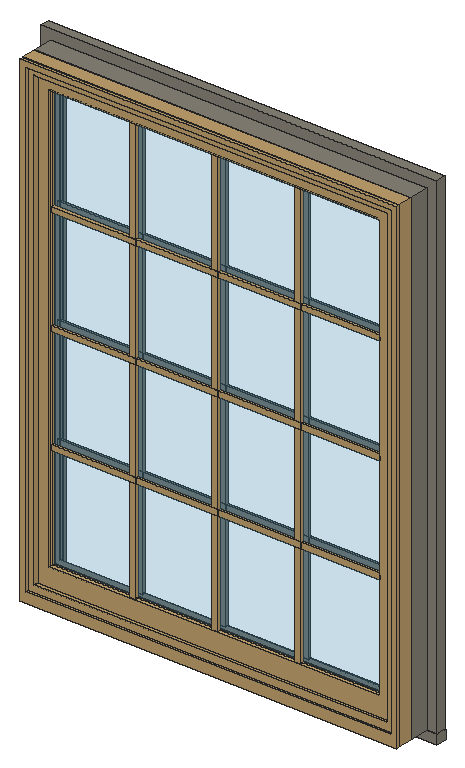
Revit family
Parameters (values of type "CUDHP-NG4862")
  Window Type = "Clad Ultimate Double Hung Picture Unit-NG"
  Void Offset_S = if(Subsill A217 Visibility, 0' 1 11/32", if(Subsill A246 Visibility, 0' 0 9/16", 0' 0"))  # 0' - 1 11/32"
  Void Offset = if(Flat Casing Visibility, 0' 3", if(BMC Visibility, 0' 1 5/16", 0' 0"))  # 0' - 1 5/16"
  URL = "www.marvin.com"
  Subsill Height = if(Subsill A217 Visibility, 0' 1 11/32", 0' 0 9/16")  # 0' - 1 11/32"
  Subsill A246 Visibility = and(Subsill Visibility, Subsill A246)  # no
  Subsill A217 Visibility = and(Subsill Visibility, Subsill A217)  # yes
  Rough Width = Width + 0' 1"  # 4' - 2 1/4"
  Rough Height = Height + 0' 0 1/2"  # 5' - 4"
  Prairie Corner Width = 0' - 4"
  Prairie Corner Height = 0' - 4"
  Nominal Width = 4' - 0"
  Nominal Height = 5' - 2"
  Muntins Interior Visibility = yes
  Muntins Interior Material = Wood-Marvin-Pine
  Muntins Exterior Visibility = yes
  Muntins Exterior Material = Aluminum-Marvin-Bronze
  Model = "CUDHP-NG4862"
  Manufacturer = "Marvin Windows and Doors"
  Lites Wide = 4
  Lites High = 4
  Lite Cut Prairie 9 = no
  Lite Cut HV Grid = not(Lite Cut Prairie 9)  # yes
  Interior Material = Wood-Marvin-Pine
  Frame = "Aluminum Clad"
  Flat Casing Visibility = and(Casing Visibility, Flat Casing)  # no
  Cladding Material = Aluminum-Marvin-Bronze
  Casing Visibility = yes
  BMC Visibility = and(Casing Visibility, BMC)  # yes
  BMC = yes
  Flat Casing = not(BMC)  # no
  Subsill Visibility = yes
  Subsill A246 = no
  Subsill A217 = not(Subsill A246)  # yes
  Label Visibility = no
  Jamb Extension Visibility = yes
  Inset to Installation Flange [instance] = 0' - 1"
  Height = Nominal Height + 0' 1 1/2"  # 5' - 3 1/2"
  Glazing Material = Glass-Marvin-IG Low E II with Argon
  Glass Type = "IG Low E II with Argon"
  Family created by = "www.rbuiltcomponents.com"
  Design Pressure = "DP50"
  Description = "4862 FIXED"
  Default Head Height = 8' - 0"
  Wall Closure = (empty or 0)
  Width = Nominal Width + 0' 1 1/4"  # 4' - 1 1/4"
  Daylight Area = DLO Width * DLO Height  # 16.4487 SF
  DLO Width = Width - 0' 6 1/2"  # 3' - 6 3/4"
  DLO Height = Height - 0' 8 3/32"  # 4' - 7 13/32"
  Assembly Code = ""
Reference planes (in)
  plane 1 "Center (Front/Back)": y = 0
  plane 2: z = 0
  plane 3 "Center (Left/Right)": x = 0
  plane 4 "Left": x = -24.625
  plane 5 "Right": x = 24.625
  plane 6 "Sill": z = 32.5
  plane 7 "Top": z = 96
  plane 8 "Inset": y = 2
  plane 9 "Glazing 2": y = -0.625
  plane 10 "Jamb Ext Face": y = -2.5625
  plane 11: z = 92.78125
  plane 12: x = 21.375
  plane 13: x = -21.375
  plane 14: z = 37.34375
  plane 15: y = -2.59375
  plane 16 "Void Offset": z = 97.3125
  plane 17 "Void Offset Sill": z = 31.15625
  plane 18: x = 25.9375
  plane 19: x = -25.9375
  plane 20: y = -1.59375
Forms (in)
  Sweep 1, solid, material "Aluminum-Marvin-Bronze" <- "Cladding Material"
    path origin (0, -0.625, 0) x (1, 0, 0) y (0, 0, 1)
      loop
        line (24.03125, 32.5) -> (-24.03125, 32.5)
    profile "Clad Sill : Clad Sill" origin (0, -0.625, 32.5) x (0, 0, -1) y (0, -1, 0)
      loop
        line (0, 0) -> (-1.51609, 0) -> (-0.80316, -2.85937) -> (-0.72218, -2.85937) -> (-0.59375, -3.71875) -> (0, -3.71875) -> (0, 0)
  Sweep 2, solid, material "Aluminum-Marvin-Bronze" <- "Cladding Material"
    path origin (0, -0.625, 0) x (1, 0, 0) y (0, 0, 1)
      loop
        line (-24.625, 32.5) -> (-24.625, 96) -> (24.625, 96) -> (24.625, 32.5)
    profile "Clad Frame : Clad Frame" origin (-24.625, -0.625, 64.25) x (-1, 0, 0) y (0, -1, 0)
      loop
        line (-1.78125, -2.84375) -> (-0.9375, -2.84375) -> (-0.9375, -3.25) -> (-0.66381, -3.25) -> (-0.59375, -3.71875) -> (0, -3.71875) -> (0, 0) -> (-1.5, 0) -> (-1.5, -0.46875) -> (-1.78125, -0.46875) -> (-1.78125, -0.6875) -> (-1.5625, -0.6875) -> (-1.5625, -2.5) -> (-1.78125, -2.5) -> (-1.78125, -2.84375)
  Sweep 3, solid, material "Wood-Marvin-Pine" <- "Interior Material"
    path origin (0, -0.625, 0) x (1, 0, 0) y (0, 0, 1)
      loop
        line (23.125, 32.5) -> (-23.125, 32.5)
    profile "Sill interior : Sill interior" origin (0, -0.625, 32.5) x (0, 0, -1) y (0, -1, 0)
      loop
        line (0, 0) -> (0, 1.9375) -> (-2.22769, 1.9375) -> (-2.22769, 1.5) -> (-1.6875, 1.5) -> (-1.6875, 0.6875) -> (-1.51609, 0) -> (0, 0)
  Sweep 4, solid, material "Wood-Marvin-Pine" <- "Interior Material"
    path origin (0, -0.625, 0) x (1, 0, 0) y (0, 0, 1)
      loop
        line (-21.375, 37.34375) -> (21.375, 37.34375) -> (21.375, 92.78125) -> (-21.375, 92.78125) -> (-21.375, 37.34375)
    profile "Sash 2 : Sash 2" origin (-21.375, -0.625, 65.0625) x (-1, 0, 0) y (0, -1, 0)
      loop
        line (1.65625, 1.40625) -> (0.21901, 1.40625) -> (0.21901, 1.33933) -> (0, 1.12032) -> (0, 0.96875) -> (0.75, 0.96875) -> (0.75, 0) -> (1.65625, 0) -> (1.65625, 1.40625)
  Sweep 5, solid, material "Aluminum-Marvin-Bronze" <- "Cladding Material"
    path origin (0, -0.625, 0) x (1, 0, 0) y (0, 0, 1)
      loop
        line (-21.375, 37.34375) -> (21.375, 37.34375) -> (21.375, 92.78125) -> (-21.375, 92.78125) -> (-21.375, 37.34375)
    profile "Clad Sash : Clad Sash" origin (-21.375, -0.625, 65.0625) x (-1, 0, 0) y (0, -1, 0)
      loop
        line (1.65625, 0) -> (0, 0) -> (0, -0.03595) -> (0.1875, -0.19262) -> (0.1875, -0.34375) -> (1.65625, -0.34375) -> (1.65625, 0)
  Sweep 6, solid, material "Aluminum-Marvin-Bronze" <- "Cladding Material"
    path in 3D
      loop
        line (23.03125, -0.28125, 35.6875) -> (-23.03125, -0.28125, 35.6875)
    profile "Clad Sash bottom ext : Clad Sash bottom ext" origin (0, -0.28125, 35.6875) x (0, 1, 0) y (0, 0, -1)
      loop
        line (-0.34375, 1.28125) -> (-0.34375, 0) -> (0, 0) -> (0, 1.62985) -> (-0.25, 1.56752) -> (-0.25, 1.28125) -> (-0.34375, 1.28125)
  Sweep 7, solid, material "Wood-Marvin-Pine" <- "Interior Material"
    path in 3D
      loop
        line (23.03125, -0.625, 35.6875) -> (-23.03125, -0.625, 35.6875)
    profile "Sash bottom ext : Sash bottom ext" origin (0, -0.625, 35.6875) x (0, 1, 0) y (0, 0, -1)
      loop
        line (-1.40625, 1.28125) -> (-1.40625, 0) -> (0, 0) -> (0, 1.28125) -> (-1.40625, 1.28125)
  Extrusion 8, solid, material "Wood-Marvin-Pine" <- "Interior Material"
    sketch origin (0, 1.4375, 0) x (1, 0, 0) y (0, 0, 1)
      loop
        line (24.625, 32.5) -> (24.625, 96) -> (-24.625, 96) -> (-24.625, 32.5) -> (-23.125, 32.5) -> (-23.125, 94.5) -> (23.125, 94.5) -> (23.125, 32.5) -> (24.625, 32.5)
    from 2.0625 to 4
  Extrusion 9, solid, material "Glass-Marvin-IG Low E II with Argon" <- "Glazing Material"
    sketch origin (0, -0.625, 0) x (1, 0, 0) y (0, 0, 1)
      loop
        line (21.875, 93.28125) -> (-21.875, 93.28125) -> (-21.875, 36.84375) -> (21.875, 36.84375) -> (21.875, 93.28125)
    from 0 to 0.15625
  Extrusion 10, solid, material "Glass-Marvin-IG Low E II with Argon" <- "Glazing Material"
    sketch origin (0, -0.625, 0) x (1, 0, 0) y (0, 0, 1)
      loop
        line (21.875, 93.28125) -> (-21.875, 93.28125) -> (-21.875, 36.84375) -> (21.875, 36.84375) -> (21.875, 93.28125)
    from 0.8125 to 0.96875
  Extrusion 11, solid, material "Wood-Marvin-Pine" <- "Interior Material", visible <- "Jamb Extension Visibility", detail levels medium+fine
    sketch origin (0, -2.3125, 0) x (1, 0, 0) y (0, 0, 1)
      loop
        line (-24.625, 96) -> (-24.625, 32.5) -> (24.625, 32.5) -> (24.625, 96) -> (-24.625, 96)
      loop
        line (-23.9375, 95.3125) -> (-23.9375, 33.8125) -> (23.9375, 33.8125) -> (23.9375, 95.3125) -> (-23.9375, 95.3125)
    from 0.28125 to 0.6875
  Extrusion 12, void
    sketch origin (0, 0, 32.5) x (0, -1, 0) y (1, 0, 0)
      loop
        line (-2, -24.625) -> (3, -24.625) -> (3, 24.625) -> (-2, 24.625) -> (-2, -24.625)
    from 63.5 to 0
  Extrusion 13, void
    sketch origin (0, 0, 32.5) x (0, -1, 0) y (1, 0, 0)
      loop
        line (-3.125, -25.9375) -> (-2, -25.9375) -> (-2, 25.9375) -> (-3.125, 25.9375) -> (-3.125, -25.9375)
    from 64.8125 to -1.34375
Cuts and joins
  joined: Sweep 5, Sweep 6
  joined: Sweep 4, Sweep 7
  joined: Sweep 3, Extrusion 8
  joined: Sweep 1, Sweep 2
Lines and regions (in)
  Masking region 1
    outline origin (0, 0, 32.5) x (0, -1, 0) y (1, 0, 0)
      loop
        line (-3.09375, -24.625) -> (2.5625, -24.625) -> (2.5625, 24.625) -> (-3.09375, 24.625) -> (-3.09375, -24.625)
  Masking region 2
    outline origin (0, 0, 0) x (0, 1, 0) y (0, 0, 1)
      loop
        line (3.09375, 96) -> (-2.5625, 96) -> (-2.5625, 32.5) -> (3.09375, 32.5) -> (3.09375, 96)
  Masking region 3, visible <- "Jamb Extension Visibility"
    outline origin (0, 0, 0) x (0, 1, 0) y (0, 0, 1)
      loop
        line (-2.59375, 96) -> (-3, 96) -> (-3, 32.5) -> (-2.59375, 32.5) -> (-2.59375, 96)
  Masking region 4, visible <- "Jamb Extension Visibility"
    outline origin (0, 0, 32.5) x (0, -1, 0) y (1, 0, 0)
      loop
        line (2.59375, -24.625) -> (3, -24.625) -> (3, 24.625) -> (2.59375, 24.625) -> (2.59375, -24.625)
  symbolic lines, style "Jamb Extension", visible <- "Jamb Extension Visibility", detail levels fine
    curve 1: line (-23.9375, -2.59375, 32.5) -> (-23.9375, -3, 32.5)
    curve 2: line (23.9375, -3, 32.5) -> (23.9375, -2.59375, 32.5)
    curve 3: line (0, -2.59375, 95.3125) -> (0, -3, 95.3125)
    curve 4: line (0, -2.59375, 33.816) -> (0, -3, 33.816)
    curve 36: line (-23.9375, -3, 0) -> (-24.625, -3, 0)
    curve 37: line (23.9375, -3, 0) -> (24.625, -3, 0)
    curve 42: line (0, -3, 33.816) -> (0, -3, 32.5)
    curve 43: line (0, -3, 95.3125) -> (0, -3, 96)
  symbolic lines, style "Jamb Extension", detail levels fine
    curve 5: line (0, -2.59375, 95.0625) -> (0, -2.59375, 96)
  symbolic lines, style "WindowsFrameMullionProjection", detail levels coarse+medium
    curve 6: line (-24.625, 3.09375, 32.5) -> (-23.0625, 3.09375, 32.5)
    curve 7: line (-23.0625, 3.09375, 32.5) -> (-23.0625, -2.5625, 32.5)
    curve 8: line (-23.0625, -2.5625, 32.5) -> (-24.625, -2.5625, 32.5)
    curve 9: line (24.625, 3.09375, 32.5) -> (23.0625, 3.09375, 32.5)
    curve 10: line (23.0625, 3.09375, 32.5) -> (23.0625, -2.5625, 32.5)
    curve 11: line (23.0625, -2.5625, 32.5) -> (24.625, -2.5625, 32.5)
    curve 12: line (-21.375, -0.28125, 32.5) -> (21.38, -0.28125, 32.5)
    curve 13: line (21.38, -0.28125, 32.5) -> (23.0625, -0.28125, 32.5)
    curve 14: line (-21.375, -2.03125, 32.5) -> (21.38, -2.03125, 32.5)
    curve 15: line (21.38, -0.28125, 32.5) -> (21.38, -2.03125, 32.5)
    curve 16: line (21.38, -2.03125, 32.5) -> (23.0625, -2.03125, 32.5)
    curve 17: line (-21.375, -0.28125, 32.5) -> (-23.0625, -0.28125, 32.5)
    curve 18: line (-21.375, -0.28125, 32.5) -> (-21.375, -2.03125, 32.5)
    curve 19: line (-21.375, -2.03125, 32.5) -> (-23.0625, -2.03125, 32.5)
    curve 20: line (0, 3.09375, 96) -> (0, 3.09375, 95.0625)
    curve 21: line (0, 3.09375, 95.0625) -> (0, -2.59375, 95.0625)
    curve 22: line (0, -2.5625, 95.0625) -> (0, -2.5625, 96)
    curve 23: line (0, 3.09375, 32.5) -> (0, 3.09375, 33.0889)
    curve 24: line (0, 3.09375, 33.0889) -> (0, -1.3125, 34.1875)
    curve 25: line (0, -2.5625, 34.1875) -> (0, -2.5625, 32.5)
    curve 26: line (0, -1.3125, 34.1875) -> (0, -2.5625, 34.1875)
    curve 27: line (0, -0.28125, 37.34375) -> (0, -0.28125, 92.78125)
    curve 28: line (0, -2.03125, 37.34375) -> (0, -2.03125, 92.78125)
    curve 29: line (0, -0.28125, 33.93038) -> (0, -0.28125, 37.34375)
    curve 30: line (0, -0.28125, 37.34375) -> (0, -2.03125, 37.34375)
    curve 31: line (0, -2.03125, 37.34375) -> (0, -2.03125, 34.1875)
    curve 33: line (0, -0.28125, 95.0625) -> (0, -0.28125, 92.78125)
    curve 34: line (0, -2.03125, 92.78125) -> (0, -2.03125, 95.0625)
    curve 35: line (0, -2.03125, 92.78125) -> (0, -0.28125, 92.78125)
    curve 51: line (0, 3.09375, 96) -> (0, -3, 96)
    curve 52: line (0, 3.09375, 32.5) -> (0, -3, 32.5)
    curve 53: line (-24.625, 3.09375, 32.5) -> (-24.625, -2.5625, 32.5)
    curve 54: line (24.625, 3.09375, 32.5) -> (24.625, -2.5625, 32.5)
  symbolic lines, style "WindowsGlassProjection", detail levels coarse+medium
    curve 32: line (0, -1.15625, 92.78125) -> (0, -1.15625, 37.34375)
    curve 50: line (-21.375, -1.15625, 32.5) -> (21.38, -1.15625, 32.5)
  symbolic lines, style "WindowsFrameMullionProjection", visible <- "Jamb Extension Visibility", detail levels coarse+medium
    curve 38: line (-24.625, -3, 0) -> (-23.9375, -3, 0)
    curve 39: line (-23.9375, -3, 0) -> (-23.9375, -2.59375, 0)
    curve 40: line (24.625, -3, 0) -> (23.9375, -3, 0)
    curve 41: line (23.9375, -3, 0) -> (23.9375, -2.59375, 0)
    curve 44: line (0, -2.59375, 33.8125) -> (0, -3, 33.8125)
    curve 45: line (0, -3, 33.8125) -> (0, -3, 32.5)
    curve 46: line (0, -2.59375, 95.3125) -> (0, -3, 95.3125)
    curve 47: line (0, -3, 95.3125) -> (0, -3, 96)
  sketch lines
    curve 48: line (23.03125, -0.28125, 35.6875) -> (-23.03125, -0.28125, 35.6875)
    curve 49: line (23.03125, -0.625, 35.6875) -> (-23.03125, -0.625, 35.6875)
Text (in)
  text "EXTERIOR" at (-58.6888, 50.90694, 0), in view "Ref. Level"
  text "INTERIOR" at (-58.6888, -37.76638, 0), in view "Ref. Level"
  text "Exterior" at (0, 43.65631, 123.19604), in view "Left"
  text "Exterior" at (0, 18.29385, 125.04747), in view "Right"
Dimensions and locks (in)
  equal spacing: plane 4 "Left", plane 3 "Center (Left/Right)", plane 5 "Right"
  "Width": plane 4 "Left" to plane 5 "Right"
  "Height": plane 6 "Sill" to plane 7 "Top"
  "Default Head Height": level to plane 7 "Top"
  "Inset to Installation Flange": host wall to plane 8 "Inset"
  locked: plane 9 "Glazing 2" to plane 8 "Inset" at 2.625
  locked: plane 10 "Jamb Ext Face" to plane 8 "Inset" at 4.5625
  locked: plane 11 to plane 7 "Top" at 3.21875
  locked: plane 6 "Sill" to plane 14 at 4.84375
  locked: plane 4 "Left" to plane 13 at 3.25
  locked: plane 12 to plane 5 "Right" at 3.25
  locked: plane 12 to Extrusion 9 sketch curve at 0.5
  locked: Extrusion 9 sketch curve to plane 14 at 0.5
  locked: Extrusion 9 sketch curve to plane 13 at 0.5
  locked: Sweep 1 sketch curve to plane 5 "Right" at 0.59375
  locked: plane 4 "Left" to Sweep 1 sketch curve at 0.59375
  locked: plane 4 "Left" to Extrusion 11 sketch curve at 0.6875
  locked: plane 7 "Top" to Extrusion 11 sketch curve at 0.6875
  locked: Extrusion 11 sketch curve to plane 6 "Sill" at 1.3125
  locked: Extrusion 11 sketch curve to plane 5 "Right" at 0.6875
  locked: Extrusion 8 sketch curve to plane 5 "Right" at 1.5
  locked: Extrusion 8 sketch curve to plane 4 "Left" at 1.5
  locked: Extrusion 8 sketch curve to plane 7 "Top" at 1.5
  locked: nested 3 to host wall at 12
  locked: plane 14 to Extrusion 10 sketch curve at 0.5
  locked: Extrusion 10 sketch curve to plane 13 at 0.5
  locked: plane 12 to Extrusion 10 sketch curve at 0.5
  locked: plane 15 to plane 10 "Jamb Ext Face" at 0.03125
  "Void Offset": plane 7 "Top" to plane 16 "Void Offset"
  "Void Offset_S": plane 17 "Void Offset Sill" to plane 6 "Sill"
  "Void Offset": plane 19 to plane 4 "Left"
  "Void Offset": plane 5 "Right" to plane 18
  locked: Extrusion 13 sketch curve to host wall at 0.125
  locked: plane 20 to plane 9 "Glazing 2" at 0.96875
  locked: plane 9 "Glazing 2" to Extrusion 9 at 0.15625
  locked: Extrusion 10 to plane 20 at 0.15625
  locked: plane 11 to Extrusion 9 sketch curve at 0.5
  locked: plane 11 to Extrusion 10 sketch curve at 0.5
  aligned and locked: nested 1 to plane 3 "Center (Left/Right)"
  aligned and locked: plane 8 "Inset" to nested 1
  aligned and locked: plane 6 "Sill" to Sweep 1 sketch curve
  aligned and locked: plane 4 "Left" to Sweep 2 sketch curve
  aligned and locked: Sweep 2 sketch curve to plane 7 "Top"
  aligned and locked: Sweep 2 sketch curve to plane 5 "Right"
  aligned and locked: plane 6 "Sill" to Sweep 2 sketch curve  (x2)
  aligned and locked: plane 6 "Sill" to Sweep 3 sketch curve
  aligned and locked: plane 13 to Sweep 4 sketch curve
  aligned and locked: Sweep 4 sketch curve to plane 12
  aligned and locked: plane 14 to Sweep 4 sketch curve
  aligned and locked: plane 13 to Sweep 5 sketch curve
  aligned and locked: Sweep 5 sketch curve to plane 12
  aligned and locked: plane 14 to Sweep 5 sketch curve
  aligned and locked: plane 5 "Right" to Extrusion 8 sketch curve
  aligned and locked: Extrusion 8 sketch curve to plane 4 "Left"
  aligned and locked: plane 7 "Top" to Extrusion 8 sketch curve
  aligned and locked: plane 10 "Jamb Ext Face" to Extrusion 8
  aligned and locked: Extrusion 11 sketch curve to plane 4 "Left"
  aligned and locked: plane 7 "Top" to Extrusion 11 sketch curve
  aligned and locked: plane 5 "Right" to Extrusion 11 sketch curve
  aligned and locked: Extrusion 11 sketch curve to plane 6 "Sill"
  aligned and locked: host wall to Extrusion 11
  aligned and locked: Masking region 1 sketch curve to plane 4 "Left"
  aligned and locked: plane 5 "Right" to Masking region 1 sketch curve
  aligned and locked: plane 7 "Top" to Masking region 2 sketch curve
  aligned and locked: Masking region 2 sketch curve to plane 6 "Sill"
  aligned and locked: Extrusion 11 to curve 5
  aligned and locked: plane 6 "Sill" to nested 2
  aligned and locked: Extrusion 8 sketch curve to plane 6 "Sill"  (x2)
  aligned and locked: plane 10 "Jamb Ext Face" to curve 11
  aligned and locked: plane 13 to curve 18
  aligned and locked: host wall to curve 1
  aligned and locked: host wall to curve 2
  aligned and locked: curve 8 to plane 10 "Jamb Ext Face"
  aligned and locked: plane 4 "Left" to curve 38
  aligned and locked: host wall to curve 38
  aligned and locked: plane 5 "Right" to curve 40
  aligned and locked: curve 40 to host wall
  aligned and locked: host wall to curve 4
  aligned and locked: plane 6 "Sill" to curve 42
  aligned and locked: curve 45 to host wall
  aligned and locked: plane 7 "Top" to curve 43
  aligned and locked: host wall to curve 43
  aligned and locked: plane 10 "Jamb Ext Face" to curve 22
  aligned and locked: plane 3 "Center (Left/Right)" to nested 3
  aligned and locked: Extrusion 9 to plane 9 "Glazing 2"
  aligned and locked: Extrusion 11 to curve 3
  aligned and locked: Extrusion 11 to curve 1
  aligned and locked: Extrusion 11 to curve 39  (x2)
  aligned and locked: Extrusion 11 to curve 2
  aligned and locked: Extrusion 11 to curve 41
  aligned and locked: curve 25 to plane 10 "Jamb Ext Face"
  aligned and locked: Extrusion 11 to curve 4
  aligned and locked: Extrusion 11 to curve 44
  aligned and locked: Extrusion 11 to plane 15
  aligned and locked: Masking region 2 sketch curve to plane 10 "Jamb Ext Face"
  aligned and locked: plane 7 "Top" to Masking region 3 sketch curve
  aligned and locked: Masking region 3 sketch curve to plane 6 "Sill"
  aligned and locked: plane 15 to Masking region 3 sketch curve
  aligned and locked: Masking region 3 sketch curve to host wall
  aligned and locked: Extrusion 11 to curve 46
  aligned and locked: Masking region 1 sketch curve to plane 10 "Jamb Ext Face"
  aligned and locked: Masking region 4 sketch curve to plane 4 "Left"
  aligned and locked: plane 5 "Right" to Masking region 4 sketch curve
  aligned and locked: plane 15 to Masking region 4 sketch curve
  aligned and locked: Masking region 4 sketch curve to host wall
  aligned and locked: Extrusion 12 sketch curve to host wall
  aligned and locked: Extrusion 12 sketch curve to plane 4 "Left"
  aligned and locked: plane 5 "Right" to Extrusion 12 sketch curve
  aligned and locked: plane 8 "Inset" to Extrusion 12 sketch curve
  aligned and locked: Extrusion 12 to plane 7 "Top"
  aligned and locked: plane 6 "Sill" to Extrusion 12
  aligned and locked: Extrusion 13 sketch curve to plane 19
  aligned and locked: plane 18 to Extrusion 13 sketch curve
  aligned and locked: Extrusion 13 sketch curve to plane 8 "Inset"
  aligned and locked: Extrusion 13 to plane 16 "Void Offset"
  aligned and locked: plane 17 "Void Offset Sill" to Extrusion 13
  aligned and locked: plane 3 "Center (Left/Right)" to nested 4
  aligned and locked: plane 8 "Inset" to nested 4
  aligned and locked: nested 4 to plane 6 "Sill"
  aligned and locked: plane 20 to Extrusion 10
  aligned and locked: curve 7 to nested 1
  aligned and locked: curve 17 to nested 1
  aligned and locked: curve 19 to nested 1
  aligned and locked: curve 10 to nested 1
  aligned and locked: curve 6 to nested 1
  aligned and locked: curve 9 to nested 1
  aligned and locked: curve 1 to Extrusion 11
  aligned and locked: curve 2 to Extrusion 11
  aligned and locked: curve 41 to Extrusion 11
  aligned and locked: nested 2 to plane 8 "Inset"
  aligned and locked: plane 6 "Sill" to curve 52
  aligned and locked: plane 4 "Left" to curve 53
  aligned and locked: plane 5 "Right" to curve 54
  aligned and locked: plane 9 "Glazing 2" to nested 6
  aligned and locked: nested 5 to plane 20
  aligned and locked: plane 14 to curve 30
  aligned and locked: curve 35 to plane 11
  aligned and locked: curve 21 to nested 2
  aligned and locked: curve 31 to nested 2
  aligned and locked: Sweep 5 sketch curve to plane 11
  aligned and locked: Sweep 4 sketch curve to plane 11
  aligned and locked: cut or joined group of Sweep 3, Extrusion 8 to plane 9 "Glazing 2"
  aligned and locked: plane 11 to nested 6
  aligned and locked: plane 11 to nested 5
  aligned and locked: Masking region 2 sketch curve to cut or joined group of Sweep 1, Sweep 2
  aligned and locked: curve 33 to cut or joined group of Sweep 5, Sweep 6
  aligned and locked: curve 24 to cut or joined group of Sweep 1, Sweep 2
  aligned and locked: curve 26 to nested 2
  aligned and locked: curve 23 to cut or joined group of Sweep 1, Sweep 2
  aligned and locked: curve 20 to cut or joined group of Sweep 1, Sweep 2
  aligned and locked: Masking region 1 sketch curve to cut or joined group of Sweep 1, Sweep 2
  aligned and locked: curve 51 to plane 7 "Top"
Automatic sketch dimensions
  Sweep 3 sketch curve to plane 4 "Left" = 0' - 1 1/2"
  plane 5 "Right" to Sweep 3 sketch curve = 0' - 1 1/2"
  curve 36 to plane 4 "Left" = 0' - 0"
  curve 37 to plane 5 "Right" = 0' - 0"
  curve 50 to plane 20 = 0' - 0 7/16"
  curve 12 to plane 12 = 0' - 0.005"
  plane 20 to curve 28 = 0' - 0 7/16"
  curve 26 to plane 20 = 0' - 0 9/32"
  curve 32 to plane 20 = 0' - 0 7/16"
  curve 45 to curve 25 = 0' - 0 3/8"
  curve 44 to curve 4 = 0' - 0.0035"
  plane 7 "Top" to curve 33 = 0' - 0 15/16"
Nested families (in)
  nested 1: "Double_Hung_Plan_Detail" at (0, 2, 32.5) x (-1, 0, 0) z (0, 0, -1), type "Double_Hung_Plan_Detail", detail levels fine
    with Width 4' - 1 1/4"
  nested 2: "Double_Hung_Section_Detail" at (0, 2, 64.25) x (0, 1, 0) z (1, 0, 0), type "Double_Hung_Section_Detail", detail levels fine
  nested 3: "Label Annotation 1-16 w" at (0, 15, 0), visible <- "Label Visibility", type "Label Annotation 1-16 w"
  nested 4: "Casing_Clad" at (0, 2, 32.5), type "Casing_Clad"
    with Width 4' - 1 1/4", Height 5' - 3 1/2"
  nested 5: "Muntins" at (0, -1.59375, 1.375) x (-1, 0, 0) z (0, 0, 1), Muntin Material <- "Muntins Interior Material", visible <- "Muntins Interior Visibility", type "Muntins 2"
    with MuntinDepth 0' - 0 5/16", Muntin Material Wood-Marvin-Pine, GlazingWidth 3' - 6 3/4", GlazingHeight 4' - 7 13/32", Width 3' - 7 3/16", VerticalMuntins 3, LitesVertical 4, LitesHorizontal 4, HorizontalMuntins 3, Height 4' - 7 27/32", Inset Vert 0' - 10 27/64", Inset Horiz 1' - 1 75/128"
  nested 6: "Muntins" at (0, -0.625, 1.375), Muntin Material <- "Muntins Exterior Material", visible <- "Muntins Exterior Visibility", type "Muntins 2"
    with MuntinDepth 0' - 0 5/16", Muntin Material Aluminum-Marvin-Bronze, GlazingWidth 3' - 6 3/4", GlazingHeight 4' - 7 13/32", Width 3' - 7 3/16", VerticalMuntins 3, LitesVertical 4, LitesHorizontal 4, HorizontalMuntins 3, Height 4' - 7 27/32", Inset Vert 0' - 10 27/64", Inset Horiz 1' - 1 75/128"
Definition of nested family "Casing_Clad"
  Parameters (values of type "Casing_Clad")
    Width = 16' - 0"
    Subsill Visibility = yes
    Subsill Offset = if(Flat Casing Visibility, 0' 3", if(BMC Visibility, 0' 1 5/16", 0' 0"))  # 0' - 1 5/16"
    Subsill Height = 0' - 1 11/32"
    Height = 12' - 0"
    Flat Casing Visibility = no
    Cladding Finish = Aluminum-Marvin-Bronze
    Casing Offset = if(BMC Visibility, 0' 0 3/16", 0' 0")  # 0' - 0 3/16"
    BMC Visibility = yes
    Assembly Code = ""
  Reference planes (in)
    plane 1 "Center (Front/Back)": y = 0
    plane 2: z = 0
    plane 3 "Center (Left/Right)": x = 0
    plane 4: z = 144
    plane 5: x = -96
    plane 6: x = 96
    plane 7 "Subsill": z = -1.34375
    plane 8 "Offset S": z = -0.1875
  Forms (in)
    Sweep 1, solid, material "Aluminum-Marvin-Bronze" <- "Cladding Finish", visible <- "BMC Visibility"
      path origin (0, 0, 0) x (1, 0, 0) y (0, 0, 1)
        loop
          line (-96, -0.1875) -> (-96, 144) -> (96, 144) -> (96, -0.1875)
      profile "BMC_Clad : BMC_Clad" origin (96, 0, 71.90625) x (1, 0, 0) y (0, -1, 0)
        loop
          line (0.71589, -1.25) -> (1.3125, -1.25) -> (1.3125, 0) -> (0, 0) -> (0, -1.09375) -> (0.38081, -1.09375) -> (0.71589, -1.25)
    Sweep 2, solid, material "Aluminum-Marvin-Bronze" <- "Cladding Finish", visible <- "Flat Casing Visibility"
      path origin (0, 0, 0) x (1, 0, 0) y (0, 0, 1)
        loop
          line (-96, 0) -> (-96, 144) -> (96, 144) -> (96, 0)
      profile "Flat_Casing_Clad : Flat_Casing_Clad" origin (96, 0, 72) x (1, 0, 0) y (0, -1, 0)
        loop
          line (3, -1.09375) -> (3, 0) -> (0, 0) -> (0, -1.09375) -> (3, -1.09375)
    Sweep 3, solid, material "Aluminum-Marvin-Bronze" <- "Cladding Finish", visible <- "Subsill Visibility"
      path origin (0, 0, 0) x (1, 0, 0) y (0, 0, 1)
        loop
          line (-97.3125, 0) -> (97.3125, 0)
      profile origin (0, 0, 0) x (0, 0, 1) y (0, -1, 0)
        loop
          line (0, 0) -> (-1.34375, 0) -> (-1.34375, -1.34375) -> (-0.1875, -1.34375) -> (-0.15265, -1.09401) -> (0, -1.09401) -> (0, 0)
  Lines and regions (in)
    Masking region 1, visible <- "Flat Casing Visibility"
      outline origin (0, 0, 0) x (1, 0, 0) y (0, 1, 0)
        loop
          line (-96, 0) -> (-96, 1.09375) -> (-99, 1.09375) -> (-99, 0) -> (-96, 0)
    Masking region 2, visible <- "Flat Casing Visibility"
      outline origin (0, 0, 0) x (0, 1, 0) y (-1, 0, 0)
        loop
          line (0, -96) -> (0, -99) -> (1.09375, -99) -> (1.09375, -96) -> (0, -96)
    Masking region 3, visible <- "BMC Visibility"
      outline origin (0, 0, 0) x (1, 0, 0) y (0, 1, 0)
        loop
          line (96, 1.09375) -> (96, 0) -> (97.3125, 0) -> (97.3125, 1.25) -> (96.71589, 1.25) -> (96.38081, 1.09375) -> (96, 1.09375)
    Masking region 4, visible <- "BMC Visibility"
      outline origin (0, 0, 0) x (0, 1, 0) y (-1, 0, 0)
        loop
          line (1.09375, 96) -> (1.09375, 96.38081) -> (1.25, 96.71589) -> (1.25, 97.3125) -> (0, 97.3125) -> (0, 96) -> (1.09375, 96)
    Masking region 5, visible <- "Flat Casing Visibility"
      outline origin (0, 0, 0) x (0, 1, 0) y (0, 0, 1)
        loop
          line (1.09375, 147) -> (0, 147) -> (0, 144) -> (1.09375, 144) -> (1.09375, 147)
    Masking region 6, visible <- "BMC Visibility"
      outline origin (0, 0, 0) x (0, 1, 0) y (0, 0, 1)
        loop
          line (1.25, 145.3125) -> (0, 145.3125) -> (0, 144) -> (1.09375, 144) -> (1.09375, 144.38081) -> (1.25, 144.71589) -> (1.25, 145.3125)
    Masking region 7, visible <- "Subsill Visibility"
      outline origin (0, 0, 0) x (0, 1, 0) y (0, 0, 1)
        loop
          line (1.34375, -0.1875) -> (1.09401, -0.15265) -> (1.09401, 0) -> (0, 0) -> (0, -1.34375) -> (1.34375, -1.34375) -> (1.34375, -0.1875)
    symbolic lines, style "Frame/Mullion", visible <- "BMC Visibility", detail levels coarse+medium
      curve 1: line (-96.71589, 1.25, 0) -> (-97.3125, 1.25, 0)
      curve 2: line (-96.38081, 1.09375, 0) -> (-96.71589, 1.25, 0)
      curve 3: line (-96, 1.09375, 0) -> (-96.38081, 1.09375, 0)
      curve 4: line (-97.3125, 1.25, 0) -> (-97.3125, 0, 0)
      curve 9: line (97.3125, 0, 0) -> (97.3125, 1.25, 0)
      curve 10: line (97.3125, 1.25, 0) -> (96.71589, 1.25, 0)
      curve 11: line (96.71589, 1.25, 0) -> (96.38081, 1.09375, 0)
      curve 12: line (96.38081, 1.09375, 0) -> (96, 1.09375, 0)
      curve 19: line (0, 1.25, 145.3125) -> (0, 0, 145.3125)
      curve 20: line (0, 1.25, 144.71589) -> (0, 1.25, 145.3125)
      curve 21: line (0, 1.09375, 144.38081) -> (0, 1.25, 144.71589)
      curve 22: line (0, 1.09375, 144) -> (0, 1.09375, 144.38081)
    symbolic lines, style "Frame/Mullion", visible <- "Flat Casing Visibility", detail levels coarse+medium
      curve 5: line (-99, 1.09375, 0) -> (-99, 0, 0)
      curve 6: line (-96, 1.09375, 0) -> (-99, 1.09375, 0)
      curve 7: line (99, 0, 0) -> (99, 1.09375, 0)
      curve 8: line (99, 1.09375, 0) -> (96, 1.09375, 0)
      curve 17: line (0, 1.09375, 147) -> (0, 0, 147)
      curve 18: line (0, 1.09375, 144) -> (0, 1.09375, 147)
    symbolic lines, style "Frame/Mullion", visible <- "Subsill Visibility", detail levels coarse+medium
      curve 13: line (0, 1.09401, -0.15265) -> (0, 1.09401, 0)
      curve 14: line (0, 1.34375, -0.1875) -> (0, 1.09401, -0.15265)
      curve 15: line (0, 1.34375, -1.34375) -> (0, 1.34375, -0.1875)
      curve 16: line (0, 0, -1.34375) -> (0, 1.34375, -1.34375)
  Dimensions and locks (in)
    "Width": plane 6 to plane 5
    equal spacing: plane 6, plane 3 "Center (Left/Right)", plane 5
    "Height": plane 4 to plane 2
    "Casing Offset": level to plane 8 "Offset S"
    "Subsill Height": level to plane 7 "Subsill"
    locked: Sweep 3 sketch curve to Sweep 3 sketch curve at 1.34375
    locked: Sweep 3 sketch curve to profile plane at 0.1875
    "Subsill Offset": plane 5 to Sweep 3 sketch curve
    "Subsill Offset": Sweep 3 sketch curve to plane 6
    locked: curve 17 to plane 4 at 3
    locked: curve 18 to plane 1 "Center (Front/Back)" at 1.09375
    locked: curve 19 to plane 4 at 1.3125
    curve 21 to curve 22 to plane 4 = 0' - 0.33508" locked, 0' - 0.38081" locked
    locked: curve 20 to plane 1 "Center (Front/Back)" at 1.25
    aligned and locked: plane 4 to Sweep 1 sketch curve
    aligned and locked: plane 5 to Sweep 1 sketch curve
    aligned and locked: plane 4 to Sweep 2 sketch curve
    aligned and locked: plane 5 to Sweep 2 sketch curve
    aligned and locked: Masking region 1 sketch curve to Sweep 1
    aligned and locked: Masking region 1 sketch curve to plane 1 "Center (Front/Back)"
    aligned and locked: Sweep 2 to Masking region 1 sketch curve
    aligned and locked: Masking region 1 sketch curve to Sweep 2
    aligned and locked: Masking region 2 sketch curve to Sweep 2  (x3)
    aligned and locked: Sweep 2 to Masking region 2 sketch curve
    aligned and locked: Masking region 3 sketch curve to Sweep 2
    aligned and locked: Masking region 3 sketch curve to Sweep 1  (x4)
    aligned and locked: Sweep 1 to Masking region 3 sketch curve
    aligned and locked: Masking region 4 sketch curve to Sweep 2
    aligned and locked: Masking region 4 sketch curve to Sweep 1  (x5)
    aligned and locked: Masking region 5 sketch curve to Sweep 2  (x2)
    aligned and locked: Sweep 1 to Masking region 5 sketch curve
    aligned and locked: Masking region 5 sketch curve to Sweep 1
    aligned and locked: Masking region 6 sketch curve to Sweep 1  (x6)
    aligned and locked: Masking region 2 to curve 8
    aligned and locked: Masking region 3 to curve 10
    aligned and locked: Masking region 3 to curve 12
    aligned and locked: Sweep 2 sketch curve to plane 6
    aligned and locked: Sweep 1 sketch curve to plane 6
    aligned and locked: curve 5 to Sweep 2
    aligned and locked: curve 4 to Sweep 1
    aligned and locked: Sweep 1 to curve 1
    aligned and locked: curve 2 to Sweep 1
    aligned and locked: Sweep 1 to curve 3
    aligned and locked: curve 7 to Sweep 2
    aligned and locked: curve 9 to Sweep 1
    aligned and locked: curve 11 to Sweep 1
    aligned and locked: plane 8 "Offset S" to Sweep 1 sketch curve  (x2)
    aligned and locked: Sweep 3 sketch curve to plane 2
    aligned and locked: plane 7 "Subsill" to Sweep 3 sketch curve
    aligned and locked: plane 2 to Sweep 2 sketch curve  (x2)
    aligned and locked: Masking region 7 sketch curve to Sweep 3  (x5)
    aligned and locked: Masking region 7 sketch curve to Sweep 2
    aligned and locked: curve 13 to Sweep 3
    aligned and locked: curve 14 to Sweep 3
    aligned and locked: curve 15 to Sweep 3
    aligned and locked: curve 16 to Sweep 3
    aligned and locked: Masking region 6 to curve 22
  Automatic sketch dimensions
    curve 4 to plane 1 "Center (Front/Back)" = 0' - 0"
    curve 5 to plane 1 "Center (Front/Back)" = 0' - 0"
    curve 7 to plane 1 "Center (Front/Back)" = 0' - 0"
    curve 9 to plane 1 "Center (Front/Back)" = 0' - 0"
    plane 5 to curve 6 = 0' - 0"
    curve 12 to plane 6 = 0' - 0"
    Sweep 3 sketch curve to Sweep 3 sketch curve = 0' - 0.03485"
    Sweep 3 sketch curve to Sweep 3 sketch curve = 0' - 0.15265"
    Sweep 3 sketch curve to plane 1 "Center (Front/Back)" = 0' - 1 11/32"
    Sweep 3 sketch curve to Sweep 3 sketch curve = 0' - 0.24974"
    curve 13 to level = 0' - 0"
    curve 16 to plane 1 "Center (Front/Back)" = 0' - 0"
    curve 17 to plane 1 "Center (Front/Back)" = 0' - 0"
    curve 19 to plane 1 "Center (Front/Back)" = 0' - 0"
    plane 4 to curve 22 = 0' - 0"
    curve 18 to curve 22 = 0' - 0"
Definition of nested family "Muntins"
  Parameters (values of type "Muntins")
    PrairieMuntVisible = no
    Prairie Corner Width = 0' - 4"
    Prairie Corner Height = 0' - 4"
    Muntin Extension = 0' - 0 7/16"
    GridMuntVisible = yes
    GlazingWidth = 2' - 0"
    GlazingHeight = 2' - 11 1/8"
    Width = GlazingWidth + Muntin Extension  # 2' - 0 7/16"
    VerticalMuntins = if(LitesHorizontal < 3, 2, LitesHorizontal - 1)  # 2
    VertMuntVisible = and(GridMuntVisible, LitesHorizontal > 2)  # yes
    MuntinWidth = 0' - 0 3/4"
    MuntinDepth [instance] = 0' - 0 3/8"
    Muntin Material [instance] = none
    LitesVertical = 3
    LitesHorizontal = 3
    HorizontalMuntins = if(LitesVertical < 3, 2, LitesVertical - 1)  # 2
    HorizMuntVisible = and(GridMuntVisible, LitesVertical > 2)  # yes
    Height = GlazingHeight + Muntin Extension  # 2' - 11 9/16"
    Inset Vert = if(LitesHorizontal < 3, (Width / 3) - (MuntinWidth / 2), (Width / LitesHorizontal) - (MuntinWidth / 2))  # 0' - 7.77083"
    Inset Horiz = if(LitesVertical < 3, (Height / 3) - (MuntinWidth / 2), (Height / LitesVertical) - (MuntinWidth / 2))  # 0' - 11.47917"
    CenterMuntinVertical = and(GridMuntVisible, LitesHorizontal = 2)  # no
    CenterMuntinHorizontal = and(GridMuntVisible, LitesVertical = 2)  # no
    Assembly Code = ""
  Reference planes (in)
    plane 1 "Center (Front/Back)": y = 0
    plane 2: z = 0
    plane 3 "Center (Left/Right)": x = 0
    plane 4: z = 35.78125
    plane 5: z = 53.5625
    plane 6: z = 71.34375
    plane 7: z = 59.86458
    plane 8: z = 47.26042
    plane 9: z = 71.125
    plane 10: z = 36
    plane 11: x = -12
    plane 12: x = 12
    plane 13: x = -4.44792
    plane 14: x = -12.21875
    plane 15: x = 12.21875
    plane 16: x = 4.44792
    plane 17: z = 67.125
    plane 18: z = 40
    plane 19: x = -8
    plane 20: x = 8
  Forms (in)
    Extrusion 1, solid, material <- "Muntin Material", visible <- "CenterMuntinVertical", detail levels medium+fine
      sketch origin (9, 0, 0) x (1, 0, 0) y (0, 0, 1)
        loop
          line (-9.375, 71.34375) -> (-9.375, 35.78125) -> (-8.625, 35.78125) -> (-8.625, 71.34375) -> (-9.375, 71.34375)
      from 0 to 0.375 <- "MuntinDepth"
    Extrusion 2, solid, material <- "Muntin Material", visible <- "CenterMuntinHorizontal", detail levels medium+fine
      sketch origin (-0.0013, 0, 14.6875) x (1, 0, 0) y (0, 0, 1)
        loop
          line (-12.21745, 39.25) -> (-12.21745, 38.5) -> (12.22005, 38.5) -> (12.22005, 39.25) -> (-12.21745, 39.25)
      from 0 to 0.375 <- "MuntinDepth"
    Extrusion 3, solid, material <- "Muntin Material", visible <- "VertMuntVisible", detail levels medium+fine
      sketch origin (4.92708, 0, -2.90625) x (1, 0, 0) y (0, 0, 1)
        loop
          line (-9.375, 74.25) -> (-9.375, 38.6875) -> (-8.625, 38.6875) -> (-8.625, 74.25) -> (-9.375, 74.25)
      from 0 to 0.375 <- "MuntinDepth"
    Extrusion 4, solid, material <- "Muntin Material", visible <- "HorizMuntVisible", detail levels medium+fine
      sketch origin (-3.09635, 0, 14.17708) x (1, 0, 0) y (0, 0, 1)
        loop
          line (-9.1224, 45.6875) -> (-9.1224, 44.9375) -> (15.3151, 44.9375) -> (15.3151, 45.6875) -> (-9.1224, 45.6875)
      from 0 to 0.375 <- "MuntinDepth"
    Extrusion 5, solid, material <- "Muntin Material", visible <- "HorizMuntVisible", detail levels medium+fine
      sketch origin (-3.09635, 0, 2.32292) x (1, 0, 0) y (0, 0, 1)
        loop
          line (-9.1224, 45.6875) -> (-9.1224, 44.9375) -> (15.3151, 44.9375) -> (15.3151, 45.6875) -> (-9.1224, 45.6875)
      from 0 to 0.375 <- "MuntinDepth"
    Extrusion 6, solid, material <- "Muntin Material", visible <- "VertMuntVisible", detail levels medium+fine
      sketch origin (13.07292, 0, -2.90625) x (1, 0, 0) y (0, 0, 1)
        loop
          line (-9.375, 74.25) -> (-9.375, 38.6875) -> (-8.625, 38.6875) -> (-8.625, 74.25) -> (-9.375, 74.25)
      from 0 to 0.375 <- "MuntinDepth"
    Extrusion 7, solid, material <- "Muntin Material", visible <- "PrairieMuntVisible", detail levels medium+fine
      sketch origin (1, 0, 0) x (1, 0, 0) y (0, 0, 1)
        loop
          line (-9, 71.34375) -> (-9, 35.78125) -> (-8.25, 35.78125) -> (-8.25, 71.34375) -> (-9, 71.34375)
      from 0 to 0.375 <- "MuntinDepth"
    Extrusion 8, solid, material <- "Muntin Material", visible <- "PrairieMuntVisible", detail levels medium+fine
      sketch origin (17, 0, 0) x (1, 0, 0) y (0, 0, 1)
        loop
          line (-9.75, 71.34375) -> (-9.75, 35.78125) -> (-9, 35.78125) -> (-9, 71.34375) -> (-9.75, 71.34375)
      from 0 to 0.375 <- "MuntinDepth"
    Extrusion 9, solid, material <- "Muntin Material", visible <- "PrairieMuntVisible", detail levels medium+fine
      sketch origin (-0.0013, 0, 28.25) x (1, 0, 0) y (0, 0, 1)
        loop
          line (-12.21745, 38.875) -> (-12.21745, 38.125) -> (12.22005, 38.125) -> (12.22005, 38.875) -> (-12.21745, 38.875)
      from 0 to 0.375 <- "MuntinDepth"
    Extrusion 10, solid, material <- "Muntin Material", visible <- "PrairieMuntVisible", detail levels medium+fine
      sketch origin (-0.0013, 0, 1.125) x (1, 0, 0) y (0, 0, 1)
        loop
          line (-12.21745, 39.625) -> (-12.21745, 38.875) -> (12.22005, 38.875) -> (12.22005, 39.625) -> (-12.21745, 39.625)
      from 0 to 0.375 <- "MuntinDepth"
  Cuts and joins
    joined: Extrusion 7, Extrusion 8, Extrusion 9, Extrusion 10
  Lines and regions (in)
    model lines, style "Muntins", visible <- "CenterMuntinHorizontal", detail levels coarse
      curve 1: line (-12.21875, 0, 53.5625) -> (12.21875, 0, 53.5625)
    model lines, style "Muntins", visible <- "HorizMuntVisible", detail levels coarse
      curve 2: line (-12.21875, 0, 59.48958) -> (12.21875, 0, 59.48958)
      curve 3: line (-12.21875, 0, 47.63542) -> (12.21875, 0, 47.63542)
    model lines, style "Muntins", visible <- "CenterMuntinVertical", detail levels coarse
      curve 4: line (0, 0, 71.34375) -> (0, 0, 35.78125)
    model lines, style "Muntins", visible <- "VertMuntVisible", detail levels coarse
      curve 5: line (-4.07292, 0, 71.34375) -> (-4.07292, 0, 35.78125)
      curve 6: line (4.07292, 0, 71.34375) -> (4.07292, 0, 35.78125)
    model lines, style "Muntins", visible <- "PrairieMuntVisible", detail levels coarse
      curve 7: line (-12.21875, 0, 66.75) -> (12.21875, 0, 66.75)
      curve 8: line (-12.21875, 0, 40.375) -> (12.21875, 0, 40.375)
      curve 9: line (-7.625, 0, 35.78125) -> (-7.625, 0, 71.34375)
      curve 10: line (7.625, 0, 35.78125) -> (7.625, 0, 71.34375)
  Dimensions and locks (in)
    "Inset Horiz": plane 6 to plane 7
    "Inset Horiz": plane 8 to plane 4
    equal spacing: plane 6, plane 5, plane 4
    "Height": plane 6 to plane 4
    "GlazingHeight": plane 9 to plane 10
    equal spacing: plane 9, plane 5, plane 10
    "GlazingWidth": plane 12 to plane 11
    equal spacing: plane 12, plane 3 "Center (Left/Right)", plane 11
    "MuntinWidth": Extrusion 1 sketch curve to Extrusion 1 sketch curve
    "Height": Extrusion 1 sketch curve to Extrusion 1 sketch curve
    "MuntinWidth": Extrusion 2 sketch curve to Extrusion 2 sketch curve
    "Width": Extrusion 2 sketch curve to Extrusion 2 sketch curve
    "MuntinWidth": Extrusion 3 sketch curve to Extrusion 3 sketch curve
    "Height": Extrusion 3 sketch curve to Extrusion 3 sketch curve
    "Width": plane 15 to plane 14
    equal spacing: plane 15, plane 3 "Center (Left/Right)", plane 14
    "Inset Vert": plane 13 to plane 14
    "Inset Vert": plane 15 to plane 16
    "MuntinWidth": Extrusion 4 sketch curve to Extrusion 4 sketch curve
    "Width": Extrusion 4 sketch curve to Extrusion 4 sketch curve
    "MuntinWidth": Extrusion 5 sketch curve to Extrusion 5 sketch curve
    "Width": Extrusion 5 sketch curve to Extrusion 5 sketch curve
    group 2 to group 3 = 0' - 0"  (x2)
    group 3 to group 2 = 0' - 11.85417"
    "MuntinWidth": Extrusion 6 sketch curve to Extrusion 6 sketch curve
    "Height": Extrusion 6 sketch curve to Extrusion 6 sketch curve
    group 4 to group 5 = 0' - 8.14583"
    group 4 to group 5 = 0' - 0"  (x2)
    "Prairie Corner Width": plane 19 to plane 11
    "Prairie Corner Width": plane 20 to plane 12
    "Prairie Corner Height": plane 9 to plane 17
    "Prairie Corner Height": plane 18 to plane 10
    "MuntinWidth": Extrusion 7 sketch curve to Extrusion 7 sketch curve
    "Height": Extrusion 7 sketch curve to Extrusion 7 sketch curve
    "MuntinWidth": Extrusion 8 sketch curve to Extrusion 8 sketch curve
    "Height": Extrusion 8 sketch curve to Extrusion 8 sketch curve
    "MuntinWidth": Extrusion 9 sketch curve to Extrusion 9 sketch curve
    "Width": Extrusion 9 sketch curve to Extrusion 9 sketch curve
    "MuntinWidth": Extrusion 10 sketch curve to Extrusion 10 sketch curve
    "Width": Extrusion 10 sketch curve to Extrusion 10 sketch curve
    aligned and locked: plane 6 to Extrusion 1  (x2)
    aligned and locked: Extrusion 1 to plane 4  (x3)
    aligned and locked: Extrusion 3 to plane 13  (x5)
    aligned and locked: Extrusion 3 to plane 4  (x3)
    aligned and locked: Extrusion 2 to plane 14
    aligned and locked: plane 15 to Extrusion 2
    aligned and locked: plane 6 to Extrusion 3
    aligned and locked: plane 7 to Extrusion 4
    aligned and locked: Extrusion 4 to plane 14
    aligned and locked: plane 15 to Extrusion 4
    aligned and locked: curve 1 to plane 5
    aligned and locked: plane 14 to curve 1
    aligned and locked: plane 15 to curve 1
    aligned and locked: Extrusion 5 to plane 14
    aligned and locked: Extrusion 5 to plane 8
    aligned and locked: plane 15 to Extrusion 5
    aligned and locked: Extrusion 5 to curve 3  (x2)
    aligned and locked: Extrusion 4 to curve 2  (x2)
    aligned and locked: curve 4 to plane 3 "Center (Left/Right)"
    aligned and locked: Extrusion 1 to curve 4  (x2)
    aligned and locked: Extrusion 3 to curve 5  (x2)
    aligned and locked: Extrusion 6 to curve 6  (x2)
    aligned and locked: Extrusion 6 to plane 16
    aligned and locked: plane 6 to Extrusion 6
    aligned and locked: plane 6 to curve 6
    aligned and locked: Extrusion 6 to plane 4
    aligned and locked: plane 4 to curve 6
    aligned and locked: cut or joined group of Extrusion 7, Extrusion 8, Extrusion 9, Extrusion 10 to plane 19
    aligned and locked: plane 20 to cut or joined group of Extrusion 7, Extrusion 8, Extrusion 9, Extrusion 10
    aligned and locked: plane 17 to cut or joined group of Extrusion 7, Extrusion 8, Extrusion 9, Extrusion 10
    aligned and locked: cut or joined group of Extrusion 7, Extrusion 8, Extrusion 9, Extrusion 10 to plane 18
    aligned and locked: cut or joined group of Extrusion 7, Extrusion 8, Extrusion 9, Extrusion 10 to curve 7  (x2)
    aligned and locked: cut or joined group of Extrusion 7, Extrusion 8, Extrusion 9, Extrusion 10 to curve 8  (x2)
    aligned and locked: cut or joined group of Extrusion 7, Extrusion 8, Extrusion 9, Extrusion 10 to curve 9  (x2)
    aligned and locked: cut or joined group of Extrusion 7, Extrusion 8, Extrusion 9, Extrusion 10 to curve 10  (x2)
  Automatic sketch dimensions
    Extrusion 1 sketch curve to plane 4 = 0' - 0"
    Extrusion 1 sketch curve to plane 3 "Center (Left/Right)" = 0' - 0 3/8"
    Extrusion 2 sketch curve to plane 14 = 0' - 0"
    Extrusion 2 sketch curve to plane 5 = 0' - 0 3/8"
    Extrusion 7 sketch curve to plane 4 = 0' - 0"
    Extrusion 7 sketch curve to plane 19 = 0' - 0"
    Extrusion 8 sketch curve to plane 4 = 0' - 0"
    Extrusion 8 sketch curve to plane 20 = 0' - 0 3/4"
    Extrusion 9 sketch curve to plane 14 = 0' - 0"
    Extrusion 9 sketch curve to plane 17 = 0' - 0 3/4"
    Extrusion 10 sketch curve to plane 14 = 0' - 0"
    Extrusion 10 sketch curve to plane 18 = 0' - 0"
    plane 19 to curve 9 = 0' - 0 3/8"
    curve 10 to plane 20 = 0' - 0 3/8"
    plane 18 to curve 8 = 0' - 0 3/8"
    curve 7 to plane 17 = 0' - 0 3/8"
Definition of nested family "Double_Hung_Plan_Detail"
  Parameters (values of type "Double_Hung_Plan_Detail")
    Width = 2' - 11 1/4"
    Casing Visibility = yes
    Assembly Code = ""
  Reference planes (in)
    plane 1 "Center (Front/Back)": y = 0
    plane 2: z = 0
    plane 3 "Center (Left/Right)": x = 0
    plane 4: x = -17.625
    plane 5: x = 17.625
  Lines and regions (in)
    detail lines, style "Cut Lines", in view "Ref. Level"
      curve 1: line (-15, -2.67188, 0) -> (15, -2.67188, 0)
      curve 2: line (-15, -3.54688, 0) -> (15, -3.54688, 0)
      curve 3: line (-15, -2.79688, 0) -> (15, -2.79688, 0)
      curve 4: line (-15, -3.42188, 0) -> (15, -3.42188, 0)
  Dimensions and locks (in)
    equal spacing: plane 4, plane 3 "Center (Left/Right)", plane 5
    "Width": plane 4 to plane 5
    aligned and locked: plane 5 to nested 1
    aligned and locked: nested 1 to plane 1 "Center (Front/Back)"
    aligned and locked: nested 2 to plane 4
    aligned and locked: plane 1 "Center (Front/Back)" to nested 2
    aligned and locked: nested 2 to curve 1
    aligned and locked: curve 1 to nested 2
    aligned and locked: curve 2 to nested 2  (x2)
    aligned and locked: curve 3 to nested 2
    aligned and locked: curve 4 to nested 2
    aligned and locked: nested 2 to curve 3
    aligned and locked: nested 1 to curve 3
    aligned and locked: nested 2 to curve 4
    aligned and locked: nested 1 to curve 4
  Automatic sketch dimensions
    curve 1 to curve 3 = 0' - 0"
    curve 2 to curve 4 = 0' - 0"
  Nested families (in)
    nested 1: "Jamb" at (17.625, 0, 0) x (-1, 0, 0) z (0, 0, 1), type "Jamb", in view "Ref. Level"
    nested 2: "Jamb" at (-17.625, 0, 0), type "Jamb", in view "Ref. Level"
  Definition of nested family "Jamb"
    Parameters (values of type "Jamb")
      Flange Visibility = not(Casing)  # no
      Casing = yes
      Assembly Code = ""
    Reference planes (in)
      plane 1 "Center (Front/Back)": y = 0
      plane 2: z = 0
      plane 3 "Center (Left/Right)": x = 0
    Lines and regions (in)
      detail lines, style "Cut Lines", in view "Ref. Level"
        curve 1: line (0, -1.09375, 0) -> (0, 4.5625, 0)
        curve 2: line (1.5, 4.5625, 0) -> (0, 4.5625, 0)
        curve 3: line (1.5625, 0.125, 0) -> (1.5625, 1.9375, 0)
        curve 4: line (1.78125, 0.125, 0) -> (1.5625, 0.125, 0)
        curve 5: line (1.78125, -0.21875, 0) -> (1.78125, 0.125, 0)
        curve 6: line (0.59375, -1.09375, 0) -> (0.66381, -0.625, 0)
        curve 7: line (0, -1.09375, 0) -> (0.59375, -1.09375, 0)
        curve 13: line (0.9375, -0.625, 0) -> (0.66381, -0.625, 0)
        curve 14: line (0.9375, -0.625, 0) -> (0.9375, -0.21875, 0)
        curve 15: line (0.9375, -0.21875, 0) -> (1.78125, -0.21875, 0)
        curve 16: line (1.59375, 2.79171, 0) -> (1.59375, 2.28125, 0)
        curve 17: line (3.0625, 2.28125, 0) -> (1.59375, 2.28125, 0)
        curve 18: line (3.0625, 2.43238, 0) -> (3.0625, 2.28125, 0)
        curve 19: line (3.25, 2.58905, 0) -> (3.0625, 2.43238, 0)
        curve 20: line (2.5, 2.625, 0) -> (3.25, 2.625, 0)
        curve 21: line (2.5, 3.59375, 0) -> (2.5, 2.625, 0)
        curve 22: line (3.25, 3.59375, 0) -> (2.5, 3.59375, 0)
        curve 23: line (3.25, 3.74532, 0) -> (3.25, 3.59375, 0)
        curve 24: line (3.03099, 4.03125, 0) -> (3.03099, 3.96433, 0)
        curve 25: line (0.875, 4.03125, 0) -> (3.03099, 4.03125, 0)
        curve 26: line (3.25, 2.625, 0) -> (3.25, 2.58905, 0)
        curve 27: line (3.03099, 3.96433, 0) -> (3.25, 3.74532, 0)
        curve 28: line (2.625, 3.54688, 0) -> (2.625, 2.67188, 0)
        curve 29: line (2.9375, 3.42188, 0) -> (2.9375, 2.79688, 0)
        curve 30: line (1.78125, 2.15625, 0) -> (1.5, 2.15625, 0)
        curve 31: line (1.78125, 1.9375, 0) -> (1.78125, 2.15625, 0)
        curve 32: line (1.5, 2.15625, 0) -> (1.5, 2.83543, 0)
        curve 33: line (1.5625, 1.9375, 0) -> (1.78125, 1.9375, 0)
        curve 34: line (0.875, 2.9378, 0) -> (0.875, 4.03125, 0)
        curve 35: line (1.59375, 2.79171, 0) -> (1.28046, 2.9378, 0)
        curve 36: line (1.28046, 2.9378, 0) -> (0.875, 2.9378, 0)
        curve 37: line (1.5, 4.03125, 0) -> (1.5, 4.5625, 0)
      detail lines, style "Cut Lines", in view "Ref. Level", visible <- "Flange Visibility"
        curve 8: line (-1.5, 0, 0) -> (-0.15, 0, 0)
        curve 9: line (0, -0.04501, 0) -> (-1.5, -0.04501, 0)
        curve 10: line (-1.5, -0.04501, 0) -> (-1.5, 0, 0)
        curve 11: line (-0.15, 0.10999, 0) -> (0, 0.10999, 0)
        curve 12: line (-0.15, 0, 0) -> (-0.15, 0.10999, 0)
Definition of nested family "Double_Hung_Section_Detail"
  Parameters (values of type "Double_Hung_Section_Detail")
    Subsill Visibility = yes
    Height = 5' - 3 1/2"
    Casing Visibility = yes
    Assembly Code = ""
  Reference planes (in)
    plane 1 "Center (Front/Back)": y = 0.8125
    plane 2: z = 0
    plane 3 "Center (Left/Right)": x = 0
    plane 4: y = 31.75
    plane 5: y = 28.53125
    plane 6: y = -31.75
    plane 7: y = -26.90625
  Lines and regions (in)
    detail lines, style "Cut Lines", in view "Ref. Level"
      curve 1: line (-3.54688, -27.53125, 0) -> (-3.54688, 29.15625, 0)
      curve 2: line (-2.67188, -27.53125, 0) -> (-2.67188, 29.15625, 0)
      curve 3: line (-3.42188, -27.53125, 0) -> (-3.42188, 29.15625, 0)
      curve 4: line (-2.79688, -27.53125, 0) -> (-2.79688, 29.15625, 0)
  Dimensions and locks (in)
    plane 4 to plane 5 = 0' - 3 7/32"
    plane 6 to plane 7 = 0' - 4 27/32"
    "Height": plane 4 to plane 6
    equal spacing: plane 5, plane 1 "Center (Front/Back)", plane 7
    aligned and locked: plane 3 "Center (Left/Right)" to nested 1
    aligned and locked: nested 1 to plane 6
    aligned and locked: plane 3 "Center (Left/Right)" to nested 2
    aligned and locked: plane 4 to nested 2
    aligned and locked: curve 1 to nested 1  (x2)
    aligned and locked: nested 1 to curve 2
    aligned and locked: curve 2 to nested 1
    aligned and locked: curve 3 to nested 1
    aligned and locked: curve 4 to nested 1
    aligned and locked: nested 1 to curve 3
    aligned and locked: nested 1 to curve 4
    aligned and locked: curve 1 to nested 2
    aligned and locked: nested 2 to curve 3
    aligned and locked: nested 2 to curve 4
    aligned and locked: nested 2 to curve 2
  Nested families (in)
    nested 1: "Sill" at (0, -31.75, 0) x (-1, 0, 0) z (0, 0, 1), type "Sill", in view "Ref. Level"
    nested 2: "Head" at (0, 31.75, 0) x (-1, 0, 0) z (0, 0, 1), type "Head", in view "Ref. Level"
  Definition of nested family "Sill"
    Parameters (values of type "Sill")
      Flange Visibility = not(Casing)  # no
      Casing = yes
      Assembly Code = ""
    Reference planes (in)
      plane 1 "Center (Front/Back)": y = 0
      plane 2: z = 0
      plane 3 "Center (Left/Right)": x = 0
    Lines and regions (in)
      detail lines, style "Cut Lines", in view "Ref. Level"
        curve 1: line (-1.09375, 0, 0) -> (4.5625, 0, 0)
        curve 2: line (4.5625, 2.22769, 0) -> (4.5625, 0, 0)
        curve 3: line (3.3125, 1.6875, 0) -> (4.125, 1.6875, 0)
        curve 4: line (-1.09375, 0.59375, 0) -> (-0.23437, 0.72218, 0)
        curve 5: line (-1.09375, 0, 0) -> (-1.09375, 0.59375, 0)
        curve 6: line (4.03125, 1.90625, 0) -> (2.53125, 1.90625, 0)
        curve 7: line (2.28125, 4.65625, 0) -> (2.28125, 1.55765, 0)
        curve 8: line (2.43238, 4.65625, 0) -> (2.28125, 4.65625, 0)
        curve 9: line (2.58905, 4.84375, 0) -> (2.43238, 4.65625, 0)
        curve 10: line (2.625, 4.09375, 0) -> (2.625, 4.84375, 0)
        curve 11: line (3.59375, 4.09375, 0) -> (2.625, 4.09375, 0)
        curve 12: line (3.59375, 4.84375, 0) -> (3.59375, 4.09375, 0)
        curve 13: line (3.74532, 4.84375, 0) -> (3.59375, 4.84375, 0)
        curve 14: line (4.03125, 4.62474, 0) -> (3.96433, 4.62474, 0)
        curve 15: line (4.03125, 1.90625, 0) -> (4.03125, 4.62474, 0)
        curve 16: line (2.625, 4.84375, 0) -> (2.58905, 4.84375, 0)
        curve 17: line (3.96433, 4.62474, 0) -> (3.74532, 4.84375, 0)
        curve 18: line (3.54688, 4.21875, 0) -> (2.67188, 4.21875, 0)
        curve 19: line (3.42188, 4.53125, 0) -> (2.79688, 4.53125, 0)
        curve 25: line (4.5625, 2.22769, 0) -> (4.125, 2.22769, 0)
        curve 26: line (4.125, 2.22769, 0) -> (4.125, 1.6875, 0)
        curve 27: line (3.3125, 1.6875, 0) -> (-0.23437, 0.80316, 0)
        curve 28: line (-0.23437, 0.80316, 0) -> (-0.23437, 0.72218, 0)
        curve 29: line (2.28125, 1.55765, 0) -> (2.53125, 1.61998, 0)
        curve 30: line (2.53125, 1.90625, 0) -> (2.53125, 1.61998, 0)
      detail lines, style "Cut Lines", in view "Ref. Level", visible <- "Flange Visibility"
        curve 20: line (-0.04501, -1.25, 0) -> (-0.04501, -0.04688, 0)
        curve 21: line (0, 0, 0) -> (0, -1.25, 0)
        curve 22: line (0, -1.25, 0) -> (-0.04501, -1.25, 0)
        curve 23: line (-0.28125, -0.04688, 0) -> (-0.28125, 0, 0)
        curve 24: line (-0.04501, -0.04688, 0) -> (-0.28125, -0.04688, 0)
  Definition of nested family "Head"
    Parameters (values of type "Head")
      Flange Visibility = not(Casing)  # no
      Casing = yes
      Assembly Code = ""
    Reference planes (in)
      plane 1 "Center (Front/Back)": y = 0
      plane 2: z = 0
      plane 3 "Center (Left/Right)": x = 0
    Lines and regions (in)
      detail lines, style "Cut Lines", in view "Ref. Level"
        curve 1: line (-1.09375, 0, 0) -> (4.5625, 0, 0)
        curve 2: line (4.5625, -1.37436, 0) -> (4.5625, 0, 0)
        curve 3: line (2.15625, -1.5, 0) -> (2.81299, -1.5, 0)
        curve 4: line (0.125, -1.78125, 0) -> (0.125, -1.59375, 0)
        curve 5: line (-0.21875, -1.78125, 0) -> (0.125, -1.78125, 0)
        curve 6: line (-1.09375, -0.59375, 0) -> (-0.625, -0.66381, 0)
        curve 7: line (-1.09375, 0, 0) -> (-1.09375, -0.59375, 0)
        curve 8: line (2.81299, -1.5625, 0) -> (2.28125, -1.5625, 0)
        curve 9: line (2.28125, -3.03125, 0) -> (2.28125, -1.5625, 0)
        curve 10: line (2.43238, -3.03125, 0) -> (2.28125, -3.03125, 0)
        curve 11: line (2.58905, -3.21875, 0) -> (2.43238, -3.03125, 0)
        curve 12: line (2.625, -2.46875, 0) -> (2.625, -3.21875, 0)
        curve 13: line (3.59375, -2.46875, 0) -> (2.625, -2.46875, 0)
        curve 14: line (3.59375, -3.21875, 0) -> (3.59375, -2.46875, 0)
        curve 15: line (3.74532, -3.21875, 0) -> (3.59375, -3.21875, 0)
        curve 16: line (4.03125, -2.99974, 0) -> (3.96433, -2.99974, 0)
        curve 17: line (4.03125, -0.81212, 0) -> (4.03125, -2.99974, 0)
        curve 18: line (2.625, -3.21875, 0) -> (2.58905, -3.21875, 0)
        curve 19: line (3.96433, -2.99974, 0) -> (3.74532, -3.21875, 0)
        curve 20: line (3.54688, -2.59375, 0) -> (2.67188, -2.59375, 0)
        curve 21: line (3.42188, -2.90625, 0) -> (2.79688, -2.90625, 0)
        curve 27: line (-0.625, -0.9375, 0) -> (-0.625, -0.66381, 0)
        curve 28: line (-0.625, -0.9375, 0) -> (-0.21875, -0.9375, 0)
        curve 29: line (-0.21875, -0.9375, 0) -> (-0.21875, -1.78125, 0)
        curve 30: line (1.9375, -1.59375, 0) -> (0.125, -1.59375, 0)
        curve 31: line (4.03125, -0.81212, 0) -> (2.93703, -0.81212, 0)
        curve 32: line (2.93703, -0.81212, 0) -> (2.93703, -1.25087, 0)
        curve 33: line (2.93703, -1.25087, 0) -> (2.81299, -1.51688, 0)
        curve 34: line (2.81299, -1.5, 0) -> (2.81299, -1.5625, 0)
        curve 35: line (2.15625, -1.78125, 0) -> (2.15625, -1.5, 0)
        curve 36: line (1.9375, -1.78125, 0) -> (2.15625, -1.78125, 0)
        curve 37: line (1.9375, -1.59375, 0) -> (1.9375, -1.78125, 0)
        curve 38: line (4.5625, -1.37436, 0) -> (4.03125, -1.37436, 0)
      detail lines, style "Cut Lines", in view "Ref. Level", visible <- "Flange Visibility"
        curve 22: line (0, 1.5, 0) -> (0, 0.15, 0)
        curve 23: line (-0.04501, 0, 0) -> (-0.04501, 1.5, 0)
        curve 24: line (-0.04501, 1.5, 0) -> (0, 1.5, 0)
        curve 25: line (0.10999, 0.15, 0) -> (0.10999, 0, 0)
        curve 26: line (0, 0.15, 0) -> (0.10999, 0.15, 0)
Definition of nested family "Label Annotation 1-16 w"
  Parameters
    Label = ""
    Egress Info = ""
    Description = "3040 Csmt"
  Reference planes (in)
    plane 1: y = 0
    plane 2: x = 0
  Text (in)
    label "Description Egress Info" at (0.00375, -0.00345, 0), shows "Description", "Egress Info"
